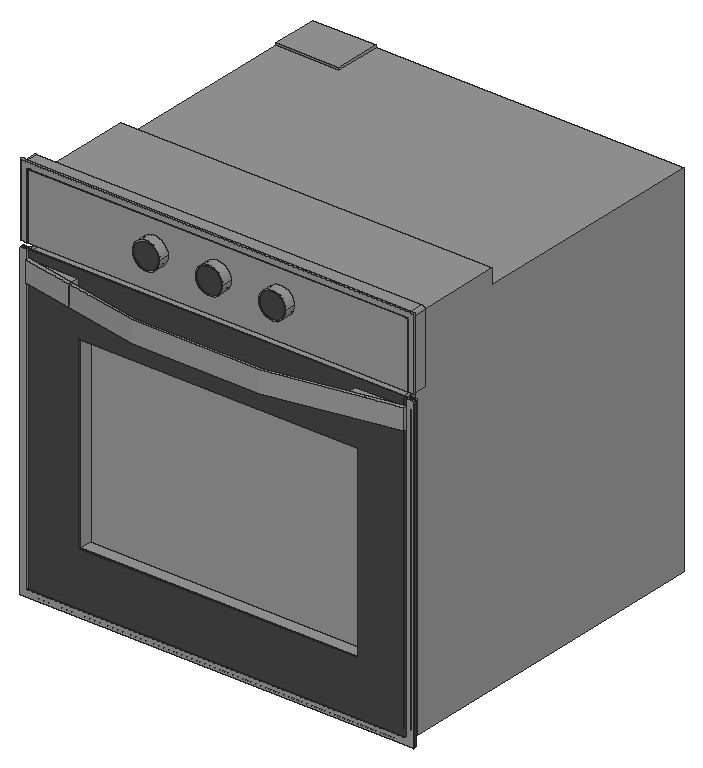
Revit family "HBB 535 SS", category Specialty Equipment, Revit 2017
Family settings
  Round Connector Dimension = Use Diameter
  Part Type = Normal
  Work Plane-Based = No
  Always vertical = Yes
  Cut with Voids When Loaded = No
  Shared = No
  Room Calculation Point = No
Parameters (values of type "HBB 535 SS")
  URL = "www.teka.cl"
  Perilla Negro = Teka_Perilla Negro
  Panel Vidrio = Teka_Panel Vidrio
  Panel Negro = Teka_Panel Negro
  Panel Menu = Teka_Panel Interior
  Model = "HBB 535 SS"
  Manufacturer = "Teka"
  Logo Teka = Teka_Logo
  Interior Negro = Teka_Interior Negro
  Description = "Horno eléctrico estático empotrable para muebles de cocina"
  Ca_Web del Representante = "www.teka.cl"
  Ca_Web del Fabricante = "www.teka.cl"
  Ca_Usos = "Horno eléctrico estático empotrable para muebles de cocina"
  Ca_Teléfono = "99821 1017"
  Ca_Representante = "Teka"
  Ca_Profundidad = 559.00 mm
  Ca_Producto = "Horno HBB 535 SS"
  Ca_Peso = "28 kg"
  Ca_País de Fabricación = "España"
  Ca_Medidas de embalaje = "650 x 635 x 655 mm"
  Ca_Material Principal = "Acero Inoxidable Antihuella+Cristal Templado"
  Ca_Masterformat = "11 30 13.13"
  Ca_Itemizado CDT = "E 08 06 02"
  Ca_Instalación = "Empotrado"
  Ca_Fabricante = "Teka"
  Ca_Especificaciones Técnicas = "Horno eléctrico multifunción empotrable para muebles de cocina  modelo HBB 535 SS"
  Ca_Código del Producto = "41560040"
  Ca_Código EAN = "8421152148938"
  Ca_Código Catálogo Arquitectura = "465_TEK_010"
  Ca_Creado por = "Catálogo Arquitectura"
  Ca_Contacto = "Khorzella@teka.cl"
  Ca_Clase de Eficiencia Energética = "A"
  Ca_Certificaciones = "Certificación SEC"
  Ca_Capacidad en Litros = 76
  Ca_Ancho = 595.00 mm
  Ca_Alto = 595.00 mm
  Ca_6_Parrilla reforzada de asados-cromada = 1
  Ca_6_Bandeja modular con tapa de cristal = no
  Ca_6_Bandeja de asados profunda 50mm = 1
  Ca_6_Bandeja Pastelera = no
  Ca_6_Asador rotativo = no
  Ca_6_Asa para extracción de bandejas = no
  Ca_5_Esmalte Hydroclean™ = yes
  Ca_5_Esmalte Crystal Clean = no
  Ca_5_Acero Inox Anti-huella = yes
  Ca_4_Termostato de seguridad = yes
  Ca_4_Protector del grill = yes
  Ca_4_Desconexión automática en puerta = no
  Ca_4_Cristal Puerta = 2
  Ca_4_Bloqueo de seguridad del panel = no
  Ca_4_Anti-vuelco de parrillas = yes
  Ca_3_Ventilación Tangencial con optimización de salida = yes
  Ca_3_Sistema de guías extraibles = "-"
  Ca_3_Salida de vahos integrada = "Bóveda"
  Ca_3_Programador - Temporizador de Paro = yes
  Ca_3_N° de Funciones de cocinado = "3"
  Ca_3_Mandos Pop Up = no
  Ca_3_Guías laterales cromadas = yes
  Ca_3_Display Digital = no
  Ca_2_Turbo Multifunción = ""
  Ca_2_Resistencia superior + inferior = 2550 W
  Ca_2_Resistencia Turbo = 0 W
  Ca_2_Resistencia Inferior = 1150 W
  Ca_2_Resistencia Grill: Normal/Maxi-Grill = "1400 / -"
  Ca_2_Motor Refrigeración = 18 W
  Ca_2_Iluminación Interior = "1 x 25 W"
  Ca_1_Potencia nominal máx. W. = "2593"
  Ca_1_Cable de conexión = 100.00 mm
  Borde Aluminio = Teka_Acero Inox
Reference planes
  plane 1 "Centro (Frontal/Posterior)": y = 0
  plane 2: z = 0
  plane 3 "Centro (Izquierda/Derecha)": x = 0
Forms (mm)
  Extrusion 1, solid, material "Teka_Acero Inox" <- "Borde Aluminio"
    sketch origin (0, 0, 0) x (1, 0, 0) y (0, 0, -1)
      loop
        line (-287, -584.5) -> (287, -584.5) -> (287, -485) -> (-287, -485) -> (-287, -584.5)
    from 0 to 1
  Sweep 2, solid, material "Teka_Acero Inox" <- "Borde Aluminio"
    path origin (0, 0, 0) x (1, 0, 0) y (0, 0, -1)
      loop
        line (-297.5, -485) -> (-297.5, -595) -> (297.5, -595) -> (297.5, -485)
    profile origin (-297.5, 0, 540) x (1, 0, 0) y (0, 1, 0)
      loop
        arc (1.289, 2) -> (0.011, 0.722) -> (1.289, -0.556) r 1.278
        line (1.289, -0.556) -> (10, -0.556)
        arc (10, -0.556) -> (10.354, -0.41) -> (10.5, -0.056) r 0.5
        line (10.5, -0.056) -> (10.5, 1)
        arc (10.5, 1) -> (10.207, 1.707) -> (9.5, 2) r 1
        line (9.5, 2) -> (1.289, 2)
  Extrusion 3, solid, material "Teka_Panel Vidrio" <- "Panel Vidrio"
    sketch origin (917.721, 0, 4005.545) x (1, 0, 0) y (0, 0, -1)
      loop
        line (-1213.72, 3529.328) -> (-621.72, 3529.328)
        arc (-621.72, 3529.328) -> (-620.659, 3529.768) -> (-620.22, 3530.828) r 1.5
        line (-620.22, 3530.828) -> (-620.22, 3998.5)
        arc (-620.22, 3998.5) -> (-620.659, 3999.561) -> (-621.72, 4000) r 1.5
        line (-621.72, 4000) -> (-1213.72, 4000)
        arc (-1213.72, 4000) -> (-1214.78, 3999.561) -> (-1215.22, 3998.5) r 1.5
        line (-1215.22, 3998.5) -> (-1215.22, 3530.828)
        arc (-1215.22, 3530.828) -> (-1214.78, 3529.768) -> (-1213.72, 3529.328) r 1.5
    from 0 to 0.8
  Extrusion 4, solid, material "Teka_Acero Inox" <- "Borde Aluminio"
    sketch origin (917.721, 1.6, 4005.545) x (1, 0, 0) y (0, 0, -1)
      loop
        arc (-621.72, 3529.328) -> (-620.659, 3529.768) -> (-620.22, 3530.828) r 1.5
        line (-620.22, 3530.828) -> (-620.22, 3998.5)
        arc (-620.22, 3998.5) -> (-620.659, 3999.561) -> (-621.72, 4000) r 1.5
        line (-621.72, 4000) -> (-1213.72, 4000)
        arc (-1213.72, 4000) -> (-1214.78, 3999.561) -> (-1215.22, 3998.5) r 1.5
        line (-1215.22, 3998.5) -> (-1215.22, 3530.828)
        arc (-1215.22, 3530.828) -> (-1214.78, 3529.768) -> (-1213.72, 3529.328) r 1.5
        line (-1213.72, 3529.328) -> (-1206.22, 3529.328)
        arc (-1206.22, 3529.328) -> (-1205.159, 3529.768) -> (-1204.72, 3530.828) r 1.5
        line (-1204.72, 3530.828) -> (-1204.72, 3988)
        arc (-1204.72, 3988) -> (-1204.28, 3989.061) -> (-1203.22, 3989.5) r 1.5
        line (-1203.22, 3989.5) -> (-632.22, 3989.5)
        arc (-632.22, 3989.5) -> (-631.159, 3989.061) -> (-630.72, 3988) r 1.5
        line (-630.72, 3988) -> (-630.72, 3530.828)
        arc (-630.72, 3530.828) -> (-630.28, 3529.768) -> (-629.22, 3529.328) r 1.5
        line (-629.22, 3529.328) -> (-621.72, 3529.328)
    from -1.6 to -2.6
  Extrusion 5, solid, material "Teka_Panel Negro" <- "Panel Negro"
    sketch origin (917.721, 0.8, 4005.545) x (1, 0, 0) y (0, 0, -1)
      loop
        arc (-621.72, 3529.328) -> (-620.659, 3529.768) -> (-620.22, 3530.828) r 1.5
        line (-620.22, 3530.828) -> (-620.22, 3998.5)
        arc (-620.22, 3998.5) -> (-620.659, 3999.561) -> (-621.72, 4000) r 1.5
        line (-621.72, 4000) -> (-1213.72, 4000)
        arc (-1213.72, 4000) -> (-1214.78, 3999.561) -> (-1215.22, 3998.5) r 1.5
        line (-1215.22, 3998.5) -> (-1215.22, 3530.828)
        arc (-1215.22, 3530.828) -> (-1214.78, 3529.768) -> (-1213.72, 3529.328) r 1.5
        line (-1213.72, 3529.328) -> (-621.72, 3529.328)
      loop
        line (-707.299, 3624.828) -> (-707.299, 3908) -> (-1127.72, 3908) -> (-1127.72, 3624.828) -> (-707.299, 3624.828)
    from 0 to 0.8
  Extrusion 6, solid, material "Teka_Panel Interior" <- "Panel Menu"
    sketch origin (-917.718, 514, 4005.545) x (1, 0, 0) y (0, 0, -1)
      loop
        line (707.72, 3908) -> (707.72, 3624.828) -> (1127.72, 3624.828) -> (1127.72, 3908) -> (707.72, 3908)
    from -0.8 to -22
  Extrusion 7, void
    sketch origin (297.502, 22, 5.545) x (1, 0, 0) y (0, 0, -1)
      loop
        line (-87.5, -470.672) -> (-139.5, -470.672) -> (-139.5, -480.672) -> (-87.5, -480.672) -> (-87.5, -470.672)
      loop
        line (-507.5, -470.672) -> (-507.5, -480.672) -> (-455.5, -480.672) -> (-455.5, -470.672) -> (-507.5, -470.672)
      loop
        line (-298, -470.672) -> (-349.5, -470.672) -> (-349.5, -480.672) -> (-298, -480.672) -> (-298, -470.672)
      loop
        line (-297, -480.672) -> (-245.5, -480.672) -> (-245.5, -470.672) -> (-297, -470.672) -> (-297, -480.672)
      loop
        line (-244.5, -480.672) -> (-193, -480.672) -> (-193, -470.672) -> (-244.5, -470.672) -> (-244.5, -480.672)
      loop
        line (-192, -480.672) -> (-140.5, -480.672) -> (-140.5, -470.672) -> (-192, -470.672) -> (-192, -480.672)
      loop
        line (-350.5, -470.672) -> (-402, -470.672) -> (-402, -480.672) -> (-350.5, -480.672) -> (-350.5, -470.672)
      loop
        line (-403, -470.672) -> (-454.5, -470.672) -> (-454.5, -480.672) -> (-403, -480.672) -> (-403, -470.672)
    from 0 to 15
  Extrusion 8, solid, material "Teka_Acero Inox" <- "Borde Aluminio"
    sketch origin (287.002, -1254.5, 869.953) x (0, 0, 1) y (0, 1, 0)
      loop
        line (-317.408, 1784) -> (-864.408, 1784) -> (-864.408, 1276.5) -> (-294.408, 1276.5) -> (-294.408, 1422.5) -> (-317.408, 1422.5) -> (-317.408, 1784)
    from 7 to 567
  Extrusion 9, solid, material "Teka_Perilla Negro" <- "Perilla Negro"
    sketch origin (917.953, 0, 4007.815) x (-1, 0, 0) y (0, 0, -1)
      loop
        circle (822.284, 3466.446) r 19.4
      loop
        circle (1013.389, 3466.446) r 19.4
      loop
        circle (917.953, 3466.446) r 19.4
    from 0 to 16
  Extrusion 10, solid, material "Teka_Acero Inox" <- "Borde Aluminio"
    sketch origin (917.953, 0, 4004.328) x (-1, 0, 0) y (0, 0, -1)
      loop
        circle (822.284, 3462.96) r 20.7
      loop
        circle (822.284, 3462.96) r 19.4
      loop
        circle (917.953, 3462.96) r 20.7
      loop
        circle (917.953, 3462.96) r 19.4
      loop
        circle (1013.389, 3462.96) r 20.7
      loop
        circle (1013.389, 3462.96) r 19.4
    from 1 to 16
  Extrusion 11, solid, material "Teka_Acero Inox" <- "Borde Aluminio"
    sketch origin (-285.198, 1, 432.816) x (0, -1, 0) y (-1, 0, 0)
      loop
        line (1, -570.4) -> (6, -570.4)
        arc (6, -570.4) -> (46, -285.2) -> (6, 0) r 1036.738
        line (6, 0) -> (1, 0)
        arc (1, 0) -> (41, -285.2) -> (1, -570.4) r 1036.738
    from 0 to -31.9
  Extrusion 12, solid, material "Teka_Interior Negro" <- "Interior Negro"
    sketch origin (-285.198, 0, 432.816) x (0, -1, 0) y (-1, 0, 0)
      loop
        line (1, -495.2) -> (1, -566.882)
        arc (1, -566.882) -> (10.392, -531.197) -> (18.509, -495.2) r 1036.738
        line (18.509, -495.2) -> (1, -495.2)
      loop
        line (1, -75.2) -> (18.509, -75.2)
        arc (18.509, -75.2) -> (10.392, -39.203) -> (1, -3.518) r 1036.738
        line (1, -3.518) -> (1, -75.2)
    from -1 to -30.9
  Extrusion 13, solid, material "Teka_Acero Inox" <- "Borde Aluminio"
    sketch origin (287.002, 529.5, 5.545) x (0, 0, 1) y (1, 0, 0)
      loop
        line (500, -394.5) -> (500, -179.5)
        arc (500, -179.5) -> (470.711, -108.789) -> (400, -79.5) r 100
        line (400, -79.5) -> (190, -79.5)
        arc (190, -79.5) -> (119.289, -108.789) -> (90, -179.5) r 100
        line (90, -179.5) -> (90, -394.5)
        arc (90, -394.5) -> (119.289, -465.211) -> (190, -494.5) r 100
        line (190, -494.5) -> (400, -494.5)
        arc (400, -494.5) -> (470.711, -465.211) -> (500, -394.5) r 100
    from 0 to 29.5
  Sweep 14, void
    path origin (287.002, 529.5, 5.545) x (0, 0, 1) y (1, 0, 0)
      loop
        arc (500, -179.5) -> (470.711, -108.789) -> (400, -79.5) r 100
        line (400, -79.5) -> (190, -79.5)
        arc (190, -79.5) -> (119.289, -108.789) -> (90, -179.5) r 100
        line (90, -179.5) -> (90, -394.5)
        arc (90, -394.5) -> (119.289, -465.211) -> (190, -494.5) r 100
        line (190, -494.5) -> (400, -494.5)
        arc (400, -494.5) -> (470.711, -465.211) -> (500, -394.5) r 100
        line (500, -394.5) -> (500, -179.5)
    profile origin (0.002, 529.5, 505.545) x (0, 0, 1) y (0, 1, 0)
      loop
        arc (-70, 29.5) -> (-31.893, 22.121) -> (0, 0) r 94.167
        line (0, 0) -> (0, 29.5) -> (-70, 29.5)
  Extrusion 15, solid, material "Teka_Interior Negro" <- "Interior Negro"
    sketch origin (917.721, 1.6, 4005.545) x (1, 0, 0) y (0, 0, -1)
      loop
        line (-707.72, 3624.828) -> (-707.72, 3908) -> (-1127.72, 3908) -> (-1127.72, 3624.828) -> (-707.72, 3624.828)
      loop
        line (-637.72, 3529.328) -> (-637.72, 3981)
        arc (-637.72, 3981) -> (-638.159, 3982.061) -> (-639.22, 3982.5) r 1.5
        line (-639.22, 3982.5) -> (-1196.22, 3982.5)
        arc (-1196.22, 3982.5) -> (-1197.28, 3982.061) -> (-1197.72, 3981) r 1.5
        line (-1197.72, 3981) -> (-1197.72, 3529.328) -> (-637.72, 3529.328)
    from 0 to 20.4
  Sweep 16, solid, material "Teka_Interior Negro" <- "Interior Negro"
    path origin (917.721, 22, 4005.545) x (1, 0, 0) y (0, 0, -1)
      loop
        line (-1197.72, 3529.328) -> (-1197.72, 3981)
        arc (-1197.72, 3981) -> (-1197.28, 3982.061) -> (-1196.22, 3982.5) r 1.5
        line (-1196.22, 3982.5) -> (-639.22, 3982.5)
        arc (-639.22, 3982.5) -> (-638.159, 3982.061) -> (-637.72, 3981) r 1.5
        line (-637.72, 3981) -> (-637.72, 3529.328)
    profile origin (280.002, 22, 250.38) x (1, 0, 0) y (0, 1, 0)
      loop
        line (0, 0) -> (6.265, -16.506)
        arc (6.265, -16.506) -> (7.366, -17.911) -> (9.07, -18.442) r 3
        line (9.07, -18.442) -> (17.1, -18.442)
        arc (17.1, -18.442) -> (17.5, -18.042) -> (17.1, -17.642) r 0.4
        line (17.1, -17.642) -> (9.07, -17.642)
        arc (9.07, -17.642) -> (7.821, -17.252) -> (7.013, -16.222) r 2.2
        line (7.013, -16.222) -> (0.856, 0) -> (0, 0)
  Extrusion 17, solid, material "Teka_Interior Negro" <- "Interior Negro"
    sketch origin (0, 0, 0) x (1, 0, 0) y (0, 0, -1)
      loop
        line (-295.7, -485) -> (-295.7, -588.2)
        arc (-295.7, -588.2) -> (-294.236, -591.736) -> (-290.7, -593.2) r 5
        line (-290.7, -593.2) -> (290.7, -593.2)
        arc (290.7, -593.2) -> (294.236, -591.736) -> (295.7, -588.2) r 5
        line (295.7, -588.2) -> (295.7, -485) -> (-295.7, -485)
    from 2.075 to 22
  Extrusion 18, solid, material "Teka_Acero Inox" <- "Borde Aluminio"
    sketch origin (-287.002, 549, 552.545) x (0, -1, 0) y (1, 0, 0)
      loop
        line (19.5, 7) -> (89.5, 7) -> (89.5, 103) -> (19.5, 103) -> (19.5, 7)
    from 0 to 3
Cuts and joins
  Extrusion 7 cuts Extrusion 8
  Extrusion 7 cuts Extrusion 17
  Sweep 14 cuts Extrusion 13
Lines and regions (mm)
  Split face 1
    outline origin (917.953, -16, 4004.328) x (-1, 0, 0) y (0, 0, -1)
      loop
        circle (822.284, 3448.583) r 1.1
  Split face 2
    outline origin (917.953, -16, 4007.815) x (-1, 0, 0) y (0, 0, -1)
      loop
        circle (1013.389, 3452.069) r 1.1
  Split face 3
    outline origin (917.953, -16, 4007.815) x (-1, 0, 0) y (0, 0, -1)
      loop
        circle (916.364, 3452.069) r 1.1
  Split face 4
    outline origin (0, 0, 0) x (1, 0, 0) y (0, 0, -1)
      loop
        circle (-95.436, -573.696) r 3.7
  Split face 5
    outline origin (0, 0, 0) x (1, 0, 0) y (0, 0, -1)
      loop
        circle (-95.436, -573.696) r 3.3
  Split face 6
    outline origin (0, 0, 0) x (1, 0, 0) y (0, 0, -1)
      loop
        line (-95.036, -575.351) -> (-95.036, -572.042) -> (-95.836, -572.042) -> (-95.836, -575.351) -> (-95.036, -575.351)
  Split face 7
    outline origin (0, 0, 0) x (1, 0, 0) y (0, 0, -1)
      loop
        circle (-95.436, -564.8) r 1.1
  Split face 8
    outline origin (0, 0, 0) x (1, 0, 0) y (0, 0, -1)
      loop
        circle (-95.436, -564.8) r 0.9
  Split face 9
    outline origin (0, 0, 0) x (1, 0, 0) y (0, 0, -1)
      loop
        line (-91.816, -510.45) -> (-99.055, -510.45) -> (-99.055, -517.061) -> (-91.816, -517.061) -> (-91.816, -510.45)
  Split face 10
    outline origin (0, 0, 0) x (1, 0, 0) y (0, 0, -1)
      loop
        line (-98.655, -510.85) -> (-98.655, -516.661) -> (-92.216, -516.661) -> (-92.216, -510.85) -> (-98.655, -510.85)
  Split face 11
    outline origin (0, 0, 0) x (1, 0, 0) y (0, 0, -1)
      loop
        line (-97.734, -515.001) -> (-97.734, -516.301) -> (-96.968, -515.658) -> (-96.202, -516.301) -> (-95.436, -515.658) -> (-94.67, -516.301) -> (-93.904, -515.658) -> (-93.137, -516.301) -> (-93.137, -515.001) -> (-97.734, -515.001)
  Split face 12
    outline origin (0, 0, 0) x (1, 0, 0) y (0, 0, -1)
      loop
        line (-93.137, -515.909) -> (-93.904, -515.266) -> (-94.67, -515.909) -> (-95.436, -515.266) -> (-96.202, -515.909) -> (-96.968, -515.266) -> (-97.734, -515.909)
  Split face 13
    outline origin (0, 0, 0) x (1, 0, 0) y (0, 0, -1)
      loop
        line (-119.743, -538.063) -> (-126.983, -538.063) -> (-126.983, -544.674) -> (-119.743, -544.674) -> (-119.743, -538.063)
  Split face 14
    outline origin (0, 0, 0) x (1, 0, 0) y (0, 0, -1)
      loop
        line (-126.583, -544.274) -> (-120.143, -544.274) -> (-120.143, -538.463) -> (-126.583, -538.463) -> (-126.583, -544.274)
  Split face 15
    outline origin (0, 0, 0) x (1, 0, 0) y (0, 0, -1)
      loop
        line (-136.85, -544.674) -> (-129.61, -544.674) -> (-129.61, -538.063) -> (-136.85, -538.063) -> (-136.85, -544.674)
  Split face 16
    outline origin (0, 0, 0) x (1, 0, 0) y (0, 0, -1)
      loop
        line (-136.45, -544.274) -> (-130.01, -544.274) -> (-130.01, -538.463) -> (-136.45, -538.463) -> (-136.45, -544.274)
  Split face 17
    outline origin (0, 0, 0) x (1, 0, 0) y (0, 0, -1)
      loop
        line (-134.601, -541.447) -> (-133.23, -543.555) -> (-131.859, -541.447)
        arc (-131.859, -541.447) -> (-133.23, -539.053) -> (-134.601, -541.447) r 1.589
  Split face 18
    outline origin (0, 0, 0) x (1, 0, 0) y (0, 0, -1)
      loop
        arc (-132.2, -541.237) -> (-133.23, -539.453) -> (-134.26, -541.237) r 1.189
        line (-134.26, -541.237) -> (-133.23, -542.821) -> (-132.2, -541.237)
  Split face 19
    outline origin (0, 0, 0) x (1, 0, 0) y (0, 0, -1)
      loop
        line (-125.661, -539.731) -> (-121.065, -539.731) -> (-121.065, -538.531) -> (-125.661, -538.531) -> (-125.661, -539.731)
  Split face 20
    outline origin (0, 0, 0) x (1, 0, 0) y (0, 0, -1)
      loop
        line (-125.661, -539.331) -> (-121.065, -539.331)
      loop
        line (-125.661, -538.931) -> (-121.065, -538.931)
  Split face 21
    outline origin (0, 0, 0) x (1, 0, 0) y (0, 0, -1)
      loop
        line (-63.888, -538.063) -> (-71.128, -538.063) -> (-71.128, -544.674) -> (-63.888, -544.674) -> (-63.888, -538.063)
  Split face 22
    outline origin (0, 0, 0) x (1, 0, 0) y (0, 0, -1)
      loop
        line (-70.728, -538.463) -> (-70.728, -544.274) -> (-64.288, -544.274) -> (-64.288, -538.463) -> (-70.728, -538.463)
  Split face 23
    outline origin (0, 0, 0) x (1, 0, 0) y (0, 0, -1)
      loop
        line (-69.806, -539.731) -> (-65.21, -539.731) -> (-65.21, -538.531) -> (-69.806, -538.531) -> (-69.806, -539.731)
  Split face 24
    outline origin (0, 0, 0) x (1, 0, 0) y (0, 0, -1)
      loop
        line (-69.806, -539.331) -> (-65.21, -539.331)
      loop
        line (-69.806, -538.931) -> (-65.21, -538.931)
  Split face 25
    outline origin (0, 0, 0) x (1, 0, 0) y (0, 0, -1)
      loop
        line (-69.806, -542.614) -> (-69.806, -543.914) -> (-69.04, -543.271) -> (-68.274, -543.914) -> (-67.508, -543.271) -> (-66.742, -543.914) -> (-65.976, -543.271) -> (-65.21, -543.914) -> (-65.21, -542.614) -> (-69.806, -542.614)
  Split face 26
    outline origin (0, 0, 0) x (1, 0, 0) y (0, 0, -1)
      loop
        line (-65.21, -543.522) -> (-65.976, -542.879) -> (-66.742, -543.522) -> (-67.508, -542.879) -> (-68.274, -543.522) -> (-69.04, -542.879) -> (-69.806, -543.522)
  Split face 27
    outline origin (0, 0, 0) x (1, 0, 0) y (0, 0, -1)
      loop
        circle (0, -572.964) r 3.3
  Split face 28
    outline origin (0, 0, 0) x (1, 0, 0) y (0, 0, -1)
      loop
        circle (0, -572.964) r 3.7
  Split face 29
    outline origin (0, 0, 0) x (1, 0, 0) y (0, 0, -1)
      loop
        line (-1, -576.565) -> (-1, -578.464) -> (1, -578.464) -> (1, -576.565)
        arc (1, -576.565) -> (0, -576.728) -> (-1, -576.565) r 3.163
  Split face 30
    outline origin (0, 0, 0) x (1, 0, 0) y (0, 0, -1)
      loop
        line (1, -578.077) -> (-1, -578.077)
  Split face 31
    outline origin (0, 0, 0) x (1, 0, 0) y (0, 0, -1)
      loop
        line (-1, -577.798) -> (1, -577.798)
  Split face 32
    outline origin (0, 0, 0) x (1, 0, 0) y (0, 0, -1)
      loop
        line (-19.535, -559.293) -> (-19.535, -561.085)
        arc (-19.535, -561.085) -> (-18.985, -561.635) -> (-18.435, -561.085) r 0.55
        line (-18.435, -561.085) -> (-18.435, -564.115)
        arc (-18.435, -564.115) -> (-17.885, -564.665) -> (-17.335, -564.115) r 0.55
        line (-17.335, -564.115) -> (-17.335, -561.633)
        arc (-17.335, -561.633) -> (-16.785, -562.183) -> (-16.235, -561.633) r 0.55
        arc (-16.235, -561.633) -> (-15.685, -562.183) -> (-15.135, -561.633) r 0.55
        arc (-15.135, -561.633) -> (-14.585, -562.183) -> (-14.035, -561.633) r 0.55
        line (-14.035, -561.633) -> (-14.035, -559.545)
        arc (-14.035, -559.545) -> (-16.672, -556.948) -> (-19.535, -559.293) r 2.769
  Split face 33
    outline origin (0, 0, 0) x (1, 0, 0) y (0, 0, -1)
      loop
        circle (0, -564.8) r 1.1
  Split face 34
    outline origin (0, 0, 0) x (1, 0, 0) y (0, 0, -1)
      loop
        line (6.778, -565.712) -> (8.494, -565.168) -> (8.116, -563.976) -> (6.4, -564.521) -> (6.778, -565.712)
  Split face 35
    outline origin (0, 0, 0) x (1, 0, 0) y (0, 0, -1)
      loop
        line (7.353, -564.218) -> (7.731, -565.41)
      loop
        line (7.163, -564.279) -> (7.541, -565.47)
  Split face 36
    outline origin (0, 0, 0) x (1, 0, 0) y (0, 0, -1)
      loop
        line (11.535, -563.887) -> (13.106, -563.009) -> (12.496, -561.883) -> (10.925, -562.761) -> (11.535, -563.887)
  Split face 37
    outline origin (0, 0, 0) x (1, 0, 0) y (0, 0, -1)
      loop
        line (11.798, -562.273) -> (12.408, -563.399)
      loop
        line (11.623, -562.371) -> (12.233, -563.497)
  Split face 38
    outline origin (0, 0, 0) x (1, 0, 0) y (0, 0, -1)
      loop
        line (16.637, -562.02) -> (17.999, -560.844) -> (16.366, -558.951) -> (15.003, -560.127) -> (16.637, -562.02)
  Split face 39
    outline origin (0, 0, 0) x (1, 0, 0) y (0, 0, -1)
      loop
        line (17.242, -561.497) -> (15.609, -559.604)
      loop
        line (17.394, -561.366) -> (15.76, -559.474)
  Split face 40
    outline origin (0, 0, 0) x (1, 0, 0) y (0, 0, -1)
      loop
        line (19.459, -557.49) -> (20.557, -556.064) -> (19.567, -555.301) -> (18.469, -556.727) -> (19.459, -557.49)
  Split face 41
    outline origin (0, 0, 0) x (1, 0, 0) y (0, 0, -1)
      loop
        line (19.947, -556.856) -> (18.957, -556.093)
      loop
        line (20.069, -556.698) -> (19.079, -555.935)
  Split face 42
    outline origin (0, 0, 0) x (1, 0, 0) y (0, 0, -1)
      loop
        line (22.303, -553.248) -> (23.092, -551.63) -> (21.969, -551.082) -> (21.18, -552.7) -> (22.303, -553.248)
  Split face 43
    outline origin (0, 0, 0) x (1, 0, 0) y (0, 0, -1)
      loop
        line (22.654, -552.529) -> (21.53, -551.981)
      loop
        line (22.742, -552.349) -> (21.618, -551.801)
  Split face 44
    outline origin (0, 0, 0) x (1, 0, 0) y (0, 0, -1)
      loop
        line (25.447, -548.831) -> (25.895, -547.088) -> (23.473, -546.466) -> (23.026, -548.21) -> (25.447, -548.831)
  Split face 45
    outline origin (0, 0, 0) x (1, 0, 0) y (0, 0, -1)
      loop
        line (23.274, -547.241) -> (25.696, -547.863)
      loop
        line (23.225, -547.435) -> (25.646, -548.057)
  Split face 46
    outline origin (0, 0, 0) x (1, 0, 0) y (0, 0, -1)
      loop
        line (29.488, -550.08) -> (29.488, -547.48) -> (28.288, -547.48) -> (28.288, -550.08) -> (29.488, -550.08)
  Split face 47
    outline origin (0, 0, 0) x (1, 0, 0) y (0, 0, -1)
      loop
        line (28.288, -549.78) -> (29.188, -549.78) -> (29.188, -547.78) -> (28.288, -547.78)
  Split face 48
    outline origin (0, 0, 0) x (1, 0, 0) y (0, 0, -1)
      loop
        line (31.462, -549.48) -> (31.462, -548.08)
        arc (31.462, -548.08) -> (30.862, -547.48) -> (30.262, -548.08) r 0.6
        line (30.262, -548.08) -> (30.262, -549.48)
        arc (30.262, -549.48) -> (30.862, -550.08) -> (31.462, -549.48) r 0.6
  Split face 49
    outline origin (0, 0, 0) x (1, 0, 0) y (0, 0, -1)
      loop
        line (30.562, -548.08) -> (30.562, -549.48)
        arc (30.562, -549.48) -> (30.862, -549.78) -> (31.162, -549.48) r 0.3
        line (31.162, -549.48) -> (31.162, -548.08)
        arc (31.162, -548.08) -> (30.862, -547.78) -> (30.562, -548.08) r 0.3
  Split face 50
    outline origin (0, 0, 0) x (1, 0, 0) y (0, 0, -1)
      loop
        line (24.019, -541.642) -> (23.931, -543.44) -> (25.179, -543.501) -> (25.267, -541.703) -> (24.019, -541.642)
  Split face 51
    outline origin (0, 0, 0) x (1, 0, 0) y (0, 0, -1)
      loop
        line (25.219, -542.702) -> (23.97, -542.641)
      loop
        line (23.98, -542.441) -> (25.228, -542.502)
  Split face 52
    outline origin (0, 0, 0) x (1, 0, 0) y (0, 0, -1)
      loop
        line (28.288, -548.937) -> (29.188, -548.937)
      loop
        line (29.188, -548.638) -> (28.288, -548.638)
  Split face 53
    outline origin (0, 0, 0) x (1, 0, 0) y (0, 0, -1)
      loop
        line (17.706, -562.986) -> (17.706, -565.586) -> (18.906, -565.586) -> (18.906, -562.986) -> (17.706, -562.986)
  Split face 54
    outline origin (0, 0, 0) x (1, 0, 0) y (0, 0, -1)
      loop
        line (18.506, -562.986) -> (18.506, -564.786) -> (17.706, -564.786) -> (18.506, -565.586)
  Split face 55
    outline origin (0, 0, 0) x (1, 0, 0) y (0, 0, -1)
      loop
        line (21.159, -565.586) -> (21.159, -564.486) -> (21.159, -562.986) -> (19.959, -562.986) -> (19.959, -565.586) -> (21.159, -565.586)
  Split face 56
    outline origin (0, 0, 0) x (1, 0, 0) y (0, 0, -1)
      loop
        line (21.159, -564.486) -> (20.259, -564.486) -> (20.259, -565.286) -> (21.159, -565.286)
  Split face 57
    outline origin (0, 0, 0) x (1, 0, 0) y (0, 0, -1)
      loop
        line (19.959, -563.286) -> (20.859, -563.286) -> (20.859, -564.186) -> (19.959, -564.186)
  Split face 58
    outline origin (0, 0, 0) x (1, 0, 0) y (0, 0, -1)
      loop
        line (25.094, -538.394) -> (24.819, -536.616) -> (23.583, -536.807) -> (23.859, -538.586) -> (25.094, -538.394)
  Split face 59
    outline origin (0, 0, 0) x (1, 0, 0) y (0, 0, -1)
      loop
        line (23.736, -537.795) -> (24.972, -537.604)
      loop
        line (23.706, -537.597) -> (24.941, -537.406)
  Split face 60
    outline origin (0, 0, 0) x (1, 0, 0) y (0, 0, -1)
      loop
        line (25.155, -532.974) -> (24.528, -531.287) -> (22.184, -532.158) -> (22.812, -533.845) -> (25.155, -532.974)
  Split face 61
    outline origin (0, 0, 0) x (1, 0, 0) y (0, 0, -1)
      loop
        line (22.533, -533.095) -> (24.876, -532.224)
      loop
        line (22.463, -532.908) -> (24.806, -532.036)
  Split face 62
    outline origin (0, 0, 0) x (1, 0, 0) y (0, 0, -1)
      loop
        line (27.748, -529.393) -> (27.748, -531.993) -> (29.148, -531.993) -> (29.148, -529.393) -> (27.748, -529.393)
  Split face 63
    outline origin (0, 0, 0) x (1, 0, 0) y (0, 0, -1)
      loop
        line (28.848, -531.993) -> (28.848, -530.993) -> (28.048, -530.993) -> (28.048, -531.993)
  Split face 64
    outline origin (0, 0, 0) x (1, 0, 0) y (0, 0, -1)
      loop
        line (27.748, -530.693) -> (28.848, -530.693) -> (28.848, -529.393)
  Split face 65
    outline origin (0, 0, 0) x (1, 0, 0) y (0, 0, -1)
      loop
        line (30.971, -531.993) -> (30.971, -530.893) -> (30.971, -529.393) -> (29.771, -529.393) -> (29.771, -531.993) -> (30.971, -531.993)
  Split face 66
    outline origin (0, 0, 0) x (1, 0, 0) y (0, 0, -1)
      loop
        line (30.971, -530.893) -> (30.071, -530.893) -> (30.071, -531.693) -> (30.971, -531.693)
  Split face 67
    outline origin (0, 0, 0) x (1, 0, 0) y (0, 0, -1)
      loop
        line (29.771, -529.693) -> (30.671, -529.693) -> (30.671, -530.593) -> (29.771, -530.593)
  Split face 68
    outline origin (0, 0, 0) x (1, 0, 0) y (0, 0, -1)
      loop
        line (20.939, -527.223) -> (19.879, -527.885) -> (20.833, -529.412) -> (21.893, -528.749) -> (20.939, -527.223)
  Split face 69
    outline origin (0, 0, 0) x (1, 0, 0) y (0, 0, -1)
      loop
        line (20.303, -528.564) -> (21.363, -527.901)
      loop
        line (20.409, -528.733) -> (21.469, -528.071)
  Split face 70
    outline origin (0, 0, 0) x (1, 0, 0) y (0, 0, -1)
      loop
        line (18.909, -524.605) -> (17.667, -523.301) -> (16.762, -524.163) -> (18.003, -525.467) -> (18.909, -524.605)
  Split face 71
    outline origin (0, 0, 0) x (1, 0, 0) y (0, 0, -1)
      loop
        line (18.357, -524.026) -> (17.473, -524.91)
      loop
        line (18.219, -523.881) -> (17.335, -524.765)
  Split face 72
    outline origin (0, 0, 0) x (1, 0, 0) y (0, 0, -1)
      loop
        line (15.865, -520.119) -> (14.387, -519.091) -> (12.96, -521.144) -> (14.438, -522.172) -> (15.865, -520.119)
  Split face 73
    outline origin (0, 0, 0) x (1, 0, 0) y (0, 0, -1)
      loop
        line (13.617, -521.601) -> (15.044, -519.548)
      loop
        line (13.781, -521.715) -> (15.208, -519.662)
  Split face 74
    outline origin (0, 0, 0) x (1, 0, 0) y (0, 0, -1)
      loop
        line (17.313, -517.322) -> (17.313, -514.722) -> (15.913, -514.722) -> (15.913, -517.322) -> (17.313, -517.322)
  Split face 75
    outline origin (0, 0, 0) x (1, 0, 0) y (0, 0, -1)
      loop
        line (17.313, -516.222) -> (16.213, -516.222) -> (16.213, -517.022) -> (17.313, -517.022)
  Split face 76
    outline origin (0, 0, 0) x (1, 0, 0) y (0, 0, -1)
      loop
        line (17.013, -515.922) -> (17.013, -515.022) -> (16.213, -515.022) -> (16.213, -515.922) -> (17.013, -515.922)
  Split face 77
    outline origin (0, 0, 0) x (1, 0, 0) y (0, 0, -1)
      loop
        line (19.376, -516.722) -> (19.376, -515.322)
        arc (19.376, -515.322) -> (18.776, -514.722) -> (18.176, -515.322) r 0.6
        line (18.176, -515.322) -> (18.176, -516.722)
        arc (18.176, -516.722) -> (18.776, -517.322) -> (19.376, -516.722) r 0.6
  Split face 78
    outline origin (0, 0, 0) x (1, 0, 0) y (0, 0, -1)
      loop
        line (19.076, -516.722) -> (19.076, -515.322)
        arc (19.076, -515.322) -> (18.776, -515.022) -> (18.476, -515.322) r 0.3
        line (18.476, -515.322) -> (18.476, -516.722)
        arc (18.476, -516.722) -> (18.776, -517.022) -> (19.076, -516.722) r 0.3
  Split face 79
    outline origin (0, 0, 0) x (1, 0, 0) y (0, 0, -1)
      loop
        line (10.776, -518.512) -> (9.121, -517.802) -> (8.629, -518.951) -> (10.283, -519.66) -> (10.776, -518.512)
  Split face 80
    outline origin (0, 0, 0) x (1, 0, 0) y (0, 0, -1)
      loop
        line (9.548, -519.345) -> (10.04, -518.196)
      loop
        line (9.364, -519.267) -> (9.857, -518.118)
  Split face 81
    outline origin (0, 0, 0) x (1, 0, 0) y (0, 0, -1)
      loop
        line (5.96, -516.812) -> (4.196, -516.45) -> (3.945, -517.674) -> (5.708, -518.036) -> (5.96, -516.812)
  Split face 82
    outline origin (0, 0, 0) x (1, 0, 0) y (0, 0, -1)
      loop
        line (4.729, -517.835) -> (4.98, -516.611)
      loop
        line (4.925, -517.875) -> (5.176, -516.651)
  Split face 83
    outline origin (0, 0, 0) x (1, 0, 0) y (0, 0, -1)
      loop
        line (0.9, -514.865) -> (-0.9, -514.865) -> (-0.9, -517.365) -> (0.9, -517.365) -> (0.9, -514.865)
  Split face 84
    outline origin (0, 0, 0) x (1, 0, 0) y (0, 0, -1)
      loop
        line (0.1, -517.365) -> (0.1, -514.865)
      loop
        line (-0.1, -517.365) -> (-0.1, -514.865)
  Split face 85
    outline origin (0, 0, 0) x (1, 0, 0) y (0, 0, -1)
      loop
        line (-0.698, -513.238) -> (-0.598, -510.638) -> (-2.098, -510.638) -> (-2.098, -513.238) -> (-0.698, -513.238)
  Split face 86
    outline origin (0, 0, 0) x (1, 0, 0) y (0, 0, -1)
      loop
        line (-2.098, -512.938) -> (-1.098, -512.938) -> (-1.714, -510.638)
      loop
        line (-1.398, -510.638) -> (-0.698, -513.238)
  Split face 87
    outline origin (0, 0, 0) x (1, 0, 0) y (0, 0, -1)
      loop
        line (1.289, -513.238) -> (1.289, -512.138) -> (1.289, -510.638) -> (0.089, -510.638) -> (0.089, -513.238) -> (1.289, -513.238)
  Split face 88
    outline origin (0, 0, 0) x (1, 0, 0) y (0, 0, -1)
      loop
        line (1.289, -512.138) -> (0.389, -512.138) -> (0.389, -512.938) -> (1.289, -512.938)
  Split face 89
    outline origin (0, 0, 0) x (1, 0, 0) y (0, 0, -1)
      loop
        line (0.089, -510.938) -> (0.989, -510.938) -> (0.989, -511.838) -> (0.089, -511.838)
  Split face 90
    outline origin (0, 0, 0) x (1, 0, 0) y (0, 0, -1)
      loop
        line (-4.414, -516.48) -> (-6.175, -516.854) -> (-5.871, -518.077) -> (-4.11, -517.702) -> (-4.414, -516.48)
  Split face 91
    outline origin (0, 0, 0) x (1, 0, 0) y (0, 0, -1)
      loop
        line (-4.893, -517.869) -> (-5.197, -516.646)
      loop
        line (-5.088, -517.91) -> (-5.393, -516.688)
  Split face 92
    outline origin (0, 0, 0) x (1, 0, 0) y (0, 0, -1)
      loop
        line (-9.286, -517.867) -> (-10.935, -518.587) -> (-10.435, -519.733) -> (-8.785, -519.012) -> (-9.286, -517.867)
  Split face 93
    outline origin (0, 0, 0) x (1, 0, 0) y (0, 0, -1)
      loop
        line (-9.518, -519.332) -> (-10.019, -518.187)
      loop
        line (-9.701, -519.413) -> (-10.202, -518.267)
  Split face 94
    outline origin (0, 0, 0) x (1, 0, 0) y (0, 0, -1)
      loop
        line (-14.542, -519.192) -> (-16.013, -520.23) -> (-14.572, -522.273) -> (-13.101, -521.235) -> (-14.542, -519.192)
  Split face 95
    outline origin (0, 0, 0) x (1, 0, 0) y (0, 0, -1)
      loop
        line (-13.755, -521.696) -> (-15.196, -519.654)
      loop
        line (-13.918, -521.812) -> (-15.359, -519.769)
  Split face 96
    outline origin (0, 0, 0) x (1, 0, 0) y (0, 0, -1)
      loop
        line (-17.04, -517.322) -> (-17.04, -514.722) -> (-18.44, -514.722) -> (-18.44, -517.322) -> (-17.04, -517.322)
  Split face 97
    outline origin (0, 0, 0) x (1, 0, 0) y (0, 0, -1)
      loop
        line (-18.14, -517.022) -> (-17.34, -517.022) -> (-17.34, -516.122) -> (-18.14, -516.122) -> (-18.14, -517.022)
  Split face 98
    outline origin (0, 0, 0) x (1, 0, 0) y (0, 0, -1)
      loop
        line (-18.44, -515.822) -> (-17.34, -515.822) -> (-17.34, -515.022) -> (-18.44, -515.022)
  Split face 99
    outline origin (0, 0, 0) x (1, 0, 0) y (0, 0, -1)
      loop
        arc (-16.413, -516.722) -> (-15.813, -517.322) -> (-15.213, -516.722) r 0.6
        line (-15.213, -516.722) -> (-15.213, -515.322)
        arc (-15.213, -515.322) -> (-15.813, -514.722) -> (-16.413, -515.322) r 0.6
        line (-16.413, -515.322) -> (-16.413, -516.722)
  Split face 100
    outline origin (0, 0, 0) x (1, 0, 0) y (0, 0, -1)
      loop
        arc (-15.513, -515.322) -> (-15.813, -515.022) -> (-16.113, -515.322) r 0.3
        line (-16.113, -515.322) -> (-16.113, -516.722)
        arc (-16.113, -516.722) -> (-15.813, -517.022) -> (-15.513, -516.722) r 0.3
        line (-15.513, -516.722) -> (-15.513, -515.322)
  Split face 101
    outline origin (0, 0, 0) x (1, 0, 0) y (0, 0, -1)
      loop
        line (-17.793, -523.425) -> (-19.025, -524.737) -> (-18.114, -525.593) -> (-16.882, -524.281) -> (-17.793, -523.425)
  Split face 102
    outline origin (0, 0, 0) x (1, 0, 0) y (0, 0, -1)
      loop
        line (-18.341, -524.008) -> (-17.429, -524.864)
      loop
        line (-18.478, -524.154) -> (-17.593, -525.038)
  Split face 103
    outline origin (0, 0, 0) x (1, 0, 0) y (0, 0, -1)
      loop
        line (-21.029, -527.334) -> (-21.972, -528.867) -> (-20.916, -529.558) -> (-19.973, -528.024) -> (-21.029, -527.334)
  Split face 104
    outline origin (0, 0, 0) x (1, 0, 0) y (0, 0, -1)
      loop
        line (-20.392, -528.706) -> (-21.448, -528.015)
      loop
        line (-20.497, -528.876) -> (-21.553, -528.186)
  Split face 105
    outline origin (0, 0, 0) x (1, 0, 0) y (0, 0, -1)
      loop
        line (-24.597, -531.458) -> (-25.213, -533.149) -> (-22.864, -534.005) -> (-22.248, -532.313) -> (-24.597, -531.458)
  Split face 106
    outline origin (0, 0, 0) x (1, 0, 0) y (0, 0, -1)
      loop
        line (-22.59, -533.253) -> (-24.939, -532.398)
      loop
        line (-22.522, -533.065) -> (-24.871, -532.21)
  Split face 107
    outline origin (0, 0, 0) x (1, 0, 0) y (0, 0, -1)
      loop
        line (-31.542, -529.967) -> (-31.542, -532.567) -> (-30.342, -532.567) -> (-30.342, -529.967) -> (-31.542, -529.967)
  Split face 108
    outline origin (0, 0, 0) x (1, 0, 0) y (0, 0, -1)
      loop
        line (-30.742, -529.967) -> (-30.742, -531.767) -> (-31.542, -531.767) -> (-30.742, -532.567)
  Split face 109
    outline origin (0, 0, 0) x (1, 0, 0) y (0, 0, -1)
      loop
        arc (-28.667, -530.567) -> (-29.267, -529.967) -> (-29.867, -530.567) r 0.6
        line (-29.867, -530.567) -> (-29.867, -531.967)
        arc (-29.867, -531.967) -> (-29.267, -532.567) -> (-28.667, -531.967) r 0.6
        line (-28.667, -531.967) -> (-28.667, -530.567)
  Split face 110
    outline origin (0, 0, 0) x (1, 0, 0) y (0, 0, -1)
      loop
        line (-28.967, -531.967) -> (-28.967, -530.567)
        arc (-28.967, -530.567) -> (-29.267, -530.267) -> (-29.567, -530.567) r 0.3
        line (-29.567, -530.567) -> (-29.567, -531.967)
        arc (-29.567, -531.967) -> (-29.267, -532.267) -> (-28.967, -531.967) r 0.3
  Split face 111
    outline origin (0, 0, 0) x (1, 0, 0) y (0, 0, -1)
      loop
        line (-26.952, -532.567) -> (-26.952, -531.467) -> (-26.952, -529.967) -> (-28.152, -529.967) -> (-28.152, -532.567) -> (-26.952, -532.567)
  Split face 112
    outline origin (0, 0, 0) x (1, 0, 0) y (0, 0, -1)
      loop
        line (-26.952, -531.467) -> (-27.852, -531.467) -> (-27.852, -532.267) -> (-26.952, -532.267)
  Split face 113
    outline origin (0, 0, 0) x (1, 0, 0) y (0, 0, -1)
      loop
        line (-28.152, -530.267) -> (-27.252, -530.267) -> (-27.252, -531.167) -> (-28.152, -531.167)
  Split face 114
    outline origin (0, 0, 0) x (1, 0, 0) y (0, 0, -1)
      loop
        line (-24.851, -536.789) -> (-25.114, -538.57) -> (-23.878, -538.752) -> (-23.615, -536.972) -> (-24.851, -536.789)
  Split face 115
    outline origin (0, 0, 0) x (1, 0, 0) y (0, 0, -1)
      loop
        line (-23.731, -537.763) -> (-24.968, -537.58)
      loop
        line (-23.761, -537.961) -> (-24.997, -537.778)
  Split face 116
    outline origin (0, 0, 0) x (1, 0, 0) y (0, 0, -1)
      loop
        line (-25.264, -541.88) -> (-25.164, -543.677) -> (-23.916, -543.607) -> (-24.016, -541.81) -> (-25.264, -541.88)
  Split face 117
    outline origin (0, 0, 0) x (1, 0, 0) y (0, 0, -1)
      loop
        line (-23.972, -542.609) -> (-25.22, -542.678)
      loop
        line (-23.961, -542.808) -> (-25.209, -542.878)
  Split face 118
    outline origin (0, 0, 0) x (1, 0, 0) y (0, 0, -1)
      loop
        line (-25.854, -547.269) -> (-25.394, -549.009) -> (-22.977, -548.37) -> (-23.437, -546.63) -> (-25.854, -547.269)
  Split face 119
    outline origin (0, 0, 0) x (1, 0, 0) y (0, 0, -1)
      loop
        line (-23.233, -547.403) -> (-25.65, -548.042)
      loop
        line (-23.182, -547.597) -> (-25.599, -548.235)
  Split face 120
    outline origin (0, 0, 0) x (1, 0, 0) y (0, 0, -1)
      loop
        line (-28.648, -549.626) -> (-28.648, -547.626) -> (-29.848, -547.626) -> (-28.948, -549.626) -> (-29.848, -549.626)
        arc (-29.848, -549.626) -> (-29.248, -550.226) -> (-28.648, -549.626) r 0.6
  Split face 121
    outline origin (0, 0, 0) x (1, 0, 0) y (0, 0, -1)
      loop
        line (-28.648, -547.926) -> (-29.448, -547.926) -> (-28.648, -549.626)
  Split face 122
    outline origin (0, 0, 0) x (1, 0, 0) y (0, 0, -1)
      loop
        line (-27.132, -549.626) -> (-27.132, -548.226)
        arc (-27.132, -548.226) -> (-27.732, -547.626) -> (-28.332, -548.226) r 0.6
        line (-28.332, -548.226) -> (-28.332, -549.626)
        arc (-28.332, -549.626) -> (-27.732, -550.226) -> (-27.132, -549.626) r 0.6
  Split face 123
    outline origin (0, 0, 0) x (1, 0, 0) y (0, 0, -1)
      loop
        line (-27.432, -549.626) -> (-27.432, -548.226)
        arc (-27.432, -548.226) -> (-27.732, -547.926) -> (-28.032, -548.226) r 0.3
        line (-28.032, -548.226) -> (-28.032, -549.626)
        arc (-28.032, -549.626) -> (-27.732, -549.926) -> (-27.432, -549.626) r 0.3
  Split face 124
    outline origin (0, 0, 0) x (1, 0, 0) y (0, 0, -1)
      loop
        line (-30.342, -547.626) -> (-31.542, -547.626) -> (-31.542, -550.226) -> (-30.342, -550.226) -> (-30.342, -547.626)
  Split face 125
    outline origin (0, 0, 0) x (1, 0, 0) y (0, 0, -1)
      loop
        line (-30.742, -547.626) -> (-30.742, -549.426) -> (-31.542, -549.426) -> (-30.742, -550.226)
  Split face 126
    outline origin (0, 0, 0) x (1, 0, 0) y (0, 0, -1)
      loop
        line (-19.509, -562.512) -> (-19.851, -563.452) -> (-18.911, -563.794) -> (-18.569, -562.854) -> (-19.509, -562.512)
  Split face 127
    outline origin (0, 0, 0) x (1, 0, 0) y (0, 0, -1)
      loop
        line (-19.782, -563.264) -> (-18.842, -563.606)
  Split face 128
    outline origin (0, 0, 0) x (1, 0, 0) y (0, 0, -1)
      loop
        line (-17.202, -562.854) -> (-16.86, -563.794) -> (-15.92, -563.452) -> (-16.262, -562.512) -> (-17.202, -562.854)
  Split face 129
    outline origin (0, 0, 0) x (1, 0, 0) y (0, 0, -1)
      loop
        line (-16.928, -563.606) -> (-15.989, -563.264)
  Split face 130
    outline origin (0, 0, 0) x (1, 0, 0) y (0, 0, -1)
      loop
        line (-15.818, -564.326) -> (-16.802, -564.153) -> (-16.976, -565.137) -> (-15.991, -565.311) -> (-15.818, -564.326)
  Split face 131
    outline origin (0, 0, 0) x (1, 0, 0) y (0, 0, -1)
      loop
        line (-15.852, -564.523) -> (-16.837, -564.35)
  Split face 132
    outline origin (0, 0, 0) x (1, 0, 0) y (0, 0, -1)
      loop
        line (-18.129, -565.345) -> (-17.787, -566.285) -> (-17.035, -566.011) -> (-17.377, -565.072) -> (-18.129, -565.345)
  Split face 133
    outline origin (0, 0, 0) x (1, 0, 0) y (0, 0, -1)
      loop
        line (-17.223, -566.08) -> (-17.565, -565.14)
  Split face 134
    outline origin (0, 0, 0) x (1, 0, 0) y (0, 0, -1)
      loop
        line (-18.83, -564.94) -> (-18.969, -564.153) -> (-19.953, -564.326) -> (-19.814, -565.114) -> (-18.83, -564.94)
  Split face 135
    outline origin (0, 0, 0) x (1, 0, 0) y (0, 0, -1)
      loop
        line (-18.934, -564.35) -> (-19.919, -564.523)
  Split face 136
    outline origin (0, 0, 0) x (1, 0, 0) y (0, 0, -1)
      loop
        line (-18.206, -565.14) -> (-18.958, -564.866) -> (-19.3, -565.806) -> (-18.548, -566.08) -> (-18.206, -565.14)
  Split face 137
    outline origin (0, 0, 0) x (1, 0, 0) y (0, 0, -1)
      loop
        line (-18.736, -566.011) -> (-18.394, -565.072)
  Split face 138
    outline origin (0, 0, 0) x (1, 0, 0) y (0, 0, -1)
      loop
        arc (-1.932, -564.319) -> (-5.262, -563.791) -> (-8.479, -562.782) r 23.031
        line (-8.479, -562.782) -> (-9.512, -562.782) -> (-8.803, -563.515)
        arc (-8.803, -563.515) -> (-5.46, -564.566) -> (-1.999, -565.116) r 23.831
        line (-1.999, -565.116) -> (-1.932, -564.319)
  Split face 139
    outline origin (0, 0, 0) x (1, 0, 0) y (0, 0, -1)
      loop
        line (-8.479, -562.782) -> (-8.803, -563.515)
  Split face 140
    outline origin (0, 0, 0) x (1, 0, 0) y (0, 0, -1)
      loop
        arc (-1.982, -564.917) -> (-5.41, -564.372) -> (-8.722, -563.331) r 23.631
      loop
        arc (-1.949, -564.518) -> (-5.311, -563.985) -> (-8.56, -562.965) r 23.231
  Split face 141
    outline origin (0, 0, 0) x (1, 0, 0) y (0, 0, -1)
      loop
        circle (95.669, -564.8) r 1.1
  Split face 142
    outline origin (0, 0, 0) x (1, 0, 0) y (0, 0, -1)
      loop
        line (94.969, -572.076) -> (94.969, -576.143)
        arc (94.969, -576.143) -> (95.669, -576.843) -> (96.369, -576.143) r 0.7
        line (96.369, -576.143) -> (96.369, -572.076)
        arc (96.369, -572.076) -> (95.669, -569.79) -> (94.969, -572.076) r 1.25
  Split face 143
    outline origin (0, 0, 0) x (1, 0, 0) y (0, 0, -1)
      loop
        line (96.069, -573.235) -> (96.069, -571.835)
        arc (96.069, -571.835) -> (95.669, -570.181) -> (95.269, -571.835) r 0.875
        line (95.269, -571.835) -> (95.269, -573.235) -> (96.069, -573.235)
  Split face 144
    outline origin (0, 0, 0) x (1, 0, 0) y (0, 0, -1)
      loop
        line (96.069, -573.535) -> (95.269, -573.535) -> (95.269, -576.094)
        arc (95.269, -576.094) -> (95.669, -576.494) -> (96.069, -576.094) r 0.4
        line (96.069, -576.094) -> (96.069, -573.535)
  Split face 145
    outline origin (0, 0, 0) x (1, 0, 0) y (0, 0, -1)
      loop
        line (115.998, -563.348) -> (115.998, -562.248) -> (115.998, -560.748) -> (114.798, -560.748) -> (114.798, -563.348) -> (115.998, -563.348)
  Split face 146
    outline origin (0, 0, 0) x (1, 0, 0) y (0, 0, -1)
      loop
        line (115.998, -562.248) -> (115.098, -562.248) -> (115.098, -563.048) -> (115.998, -563.048)
  Split face 147
    outline origin (0, 0, 0) x (1, 0, 0) y (0, 0, -1)
      loop
        line (114.798, -561.048) -> (115.698, -561.048) -> (115.698, -561.948) -> (114.798, -561.948)
  Split face 148
    outline origin (0, 0, 0) x (1, 0, 0) y (0, 0, -1)
      loop
        line (118.16, -562.748) -> (118.16, -561.348)
        arc (118.16, -561.348) -> (117.56, -560.748) -> (116.96, -561.348) r 0.6
        line (116.96, -561.348) -> (116.96, -562.748)
        arc (116.96, -562.748) -> (117.56, -563.348) -> (118.16, -562.748) r 0.6
  Split face 149
    outline origin (0, 0, 0) x (1, 0, 0) y (0, 0, -1)
      loop
        line (117.86, -562.748) -> (117.86, -561.348)
        arc (117.86, -561.348) -> (117.56, -561.048) -> (117.26, -561.348) r 0.3
        line (117.26, -561.348) -> (117.26, -562.748)
        arc (117.26, -562.748) -> (117.56, -563.048) -> (117.86, -562.748) r 0.3
  Split face 150
    outline origin (0, 0, 0) x (1, 0, 0) y (0, 0, -1)
      loop
        line (112.075, -559.046) -> (113.347, -557.774) -> (111.58, -556.006) -> (110.307, -557.279) -> (112.075, -559.046)
  Split face 151
    outline origin (0, 0, 0) x (1, 0, 0) y (0, 0, -1)
      loop
        line (112.64, -558.481) -> (110.873, -556.713)
      loop
        line (111.014, -556.572) -> (112.782, -558.339)
  Split face 152
    outline origin (0, 0, 0) x (1, 0, 0) y (0, 0, -1)
      loop
        line (114.688, -555.159) -> (115.689, -553.662) -> (114.13, -552.621) -> (113.129, -554.117) -> (114.688, -555.159)
  Split face 153
    outline origin (0, 0, 0) x (1, 0, 0) y (0, 0, -1)
      loop
        line (113.574, -553.452) -> (115.133, -554.494)
      loop
        line (113.685, -553.286) -> (115.244, -554.328)
  Split face 154
    outline origin (0, 0, 0) x (1, 0, 0) y (0, 0, -1)
      loop
        line (117.013, -551.184) -> (117.702, -549.521) -> (115.97, -548.803) -> (115.281, -550.466) -> (117.013, -551.184)
  Split face 155
    outline origin (0, 0, 0) x (1, 0, 0) y (0, 0, -1)
      loop
        line (115.587, -549.727) -> (117.32, -550.445)
      loop
        line (115.664, -549.542) -> (117.396, -550.26)
  Split face 156
    outline origin (0, 0, 0) x (1, 0, 0) y (0, 0, -1)
      loop
        line (118.518, -546.831) -> (118.869, -545.066) -> (117.03, -544.7) -> (116.679, -546.465) -> (118.518, -546.831)
  Split face 157
    outline origin (0, 0, 0) x (1, 0, 0) y (0, 0, -1)
      loop
        line (116.835, -545.681) -> (118.674, -546.046)
      loop
        line (116.874, -545.484) -> (118.713, -545.85)
  Split face 158
    outline origin (0, 0, 0) x (1, 0, 0) y (0, 0, -1)
      loop
        line (119.77, -542.269) -> (119.77, -540.469) -> (117.27, -540.469) -> (117.27, -542.269) -> (119.77, -542.269)
  Split face 159
    outline origin (0, 0, 0) x (1, 0, 0) y (0, 0, -1)
      loop
        line (117.27, -541.469) -> (119.77, -541.469)
      loop
        line (117.27, -541.269) -> (119.77, -541.269)
  Split face 160
    outline origin (0, 0, 0) x (1, 0, 0) y (0, 0, -1)
      loop
        line (124.905, -542.59) -> (124.905, -539.99) -> (123.505, -539.99) -> (123.505, -542.59) -> (124.905, -542.59)
  Split face 161
    outline origin (0, 0, 0) x (1, 0, 0) y (0, 0, -1)
      loop
        line (124.605, -541.39) -> (123.805, -541.39) -> (123.805, -542.29) -> (124.605, -542.29) -> (124.605, -541.39)
  Split face 162
    outline origin (0, 0, 0) x (1, 0, 0) y (0, 0, -1)
      loop
        line (123.505, -541.09) -> (124.605, -541.09) -> (124.605, -540.29) -> (123.505, -540.29)
  Split face 163
    outline origin (0, 0, 0) x (1, 0, 0) y (0, 0, -1)
      loop
        arc (125.768, -541.99) -> (126.368, -542.59) -> (126.968, -541.99) r 0.6
        line (126.968, -541.99) -> (126.968, -540.59)
        arc (126.968, -540.59) -> (126.368, -539.99) -> (125.768, -540.59) r 0.6
        line (125.768, -540.59) -> (125.768, -541.99)
  Split face 164
    outline origin (0, 0, 0) x (1, 0, 0) y (0, 0, -1)
      loop
        arc (126.068, -541.99) -> (126.368, -542.29) -> (126.668, -541.99) r 0.3
        line (126.668, -541.99) -> (126.668, -540.59)
        arc (126.668, -540.59) -> (126.368, -540.29) -> (126.068, -540.59) r 0.3
        line (126.068, -540.59) -> (126.068, -541.99)
  Split face 165
    outline origin (0, 0, 0) x (1, 0, 0) y (0, 0, -1)
      loop
        line (118.869, -537.671) -> (118.518, -535.906) -> (116.679, -536.272) -> (117.03, -538.037) -> (118.869, -537.671)
  Split face 166
    outline origin (0, 0, 0) x (1, 0, 0) y (0, 0, -1)
      loop
        line (116.874, -537.253) -> (118.713, -536.887)
      loop
        line (116.835, -537.056) -> (118.674, -536.691)
  Split face 167
    outline origin (0, 0, 0) x (1, 0, 0) y (0, 0, -1)
      loop
        line (132.115, -543.725) -> (139.355, -543.725) -> (139.355, -537.115) -> (132.115, -537.115) -> (132.115, -543.725)
  Split face 168
    outline origin (0, 0, 0) x (1, 0, 0) y (0, 0, -1)
      loop
        line (132.515, -543.325) -> (138.955, -543.325) -> (138.955, -537.515) -> (132.515, -537.515) -> (132.515, -543.325)
  Split face 169
    outline origin (0, 0, 0) x (1, 0, 0) y (0, 0, -1)
      loop
        line (134.364, -540.498) -> (135.735, -542.607) -> (137.106, -540.498)
        arc (137.106, -540.498) -> (135.735, -538.104) -> (134.364, -540.498) r 1.589
  Split face 170
    outline origin (0, 0, 0) x (1, 0, 0) y (0, 0, -1)
      loop
        line (134.705, -540.289) -> (135.735, -541.873) -> (136.765, -540.289)
        arc (136.765, -540.289) -> (135.735, -538.504) -> (134.705, -540.289) r 1.189
  Split face 171
    outline origin (0, 0, 0) x (1, 0, 0) y (0, 0, -1)
      loop
        line (117.702, -533.216) -> (117.013, -531.553) -> (115.281, -532.271) -> (115.97, -533.934) -> (117.702, -533.216)
  Split face 172
    outline origin (0, 0, 0) x (1, 0, 0) y (0, 0, -1)
      loop
        line (115.664, -533.195) -> (117.396, -532.477)
      loop
        line (115.587, -533.01) -> (117.32, -532.293)
  Split face 173
    outline origin (0, 0, 0) x (1, 0, 0) y (0, 0, -1)
      loop
        line (115.689, -529.075) -> (114.688, -527.578) -> (113.129, -528.62) -> (114.13, -530.116) -> (115.689, -529.075)
  Split face 174
    outline origin (0, 0, 0) x (1, 0, 0) y (0, 0, -1)
      loop
        line (113.685, -529.451) -> (115.244, -528.409)
      loop
        line (113.574, -529.285) -> (115.133, -528.243)
  Split face 175
    outline origin (0, 0, 0) x (1, 0, 0) y (0, 0, -1)
      loop
        line (110.307, -525.458) -> (111.58, -526.731) -> (113.347, -524.963) -> (112.075, -523.691) -> (110.307, -525.458)
  Split face 176
    outline origin (0, 0, 0) x (1, 0, 0) y (0, 0, -1)
      loop
        line (112.64, -524.256) -> (110.873, -526.024)
      loop
        line (112.782, -524.398) -> (111.014, -526.165)
  Split face 177
    outline origin (0, 0, 0) x (1, 0, 0) y (0, 0, -1)
      loop
        line (109.46, -522.35) -> (107.963, -521.349) -> (106.922, -522.908) -> (108.418, -523.909) -> (109.46, -522.35)
  Split face 178
    outline origin (0, 0, 0) x (1, 0, 0) y (0, 0, -1)
      loop
        line (107.753, -523.464) -> (108.795, -521.905)
      loop
        line (107.587, -523.353) -> (108.629, -521.794)
  Split face 179
    outline origin (0, 0, 0) x (1, 0, 0) y (0, 0, -1)
      loop
        line (113.42, -523.338) -> (114.62, -523.338) -> (114.62, -520.738) -> (113.42, -520.738) -> (113.42, -523.338)
  Split face 180
    outline origin (0, 0, 0) x (1, 0, 0) y (0, 0, -1)
      loop
        line (114.22, -520.738) -> (114.22, -522.538) -> (113.42, -522.538) -> (114.22, -523.338)
  Split face 181
    outline origin (0, 0, 0) x (1, 0, 0) y (0, 0, -1)
      loop
        line (115.599, -520.738) -> (115.599, -523.338) -> (116.799, -523.338) -> (116.799, -520.738) -> (115.599, -520.738)
  Split face 182
    outline origin (0, 0, 0) x (1, 0, 0) y (0, 0, -1)
      loop
        line (115.599, -523.038) -> (116.499, -523.038) -> (116.499, -521.038) -> (115.599, -521.038)
  Split face 183
    outline origin (0, 0, 0) x (1, 0, 0) y (0, 0, -1)
      loop
        arc (117.573, -522.738) -> (118.173, -523.338) -> (118.773, -522.738) r 0.6
        line (118.773, -522.738) -> (118.773, -521.338)
        arc (118.773, -521.338) -> (118.173, -520.738) -> (117.573, -521.338) r 0.6
        line (117.573, -521.338) -> (117.573, -522.738)
  Split face 184
    outline origin (0, 0, 0) x (1, 0, 0) y (0, 0, -1)
      loop
        arc (117.873, -522.738) -> (118.173, -523.038) -> (118.473, -522.738) r 0.3
        line (118.473, -522.738) -> (118.473, -521.338)
        arc (118.473, -521.338) -> (118.173, -521.038) -> (117.873, -521.338) r 0.3
        line (117.873, -521.338) -> (117.873, -522.738)
  Split face 185
    outline origin (0, 0, 0) x (1, 0, 0) y (0, 0, -1)
      loop
        line (105.485, -520.025) -> (103.822, -519.336) -> (103.104, -521.068) -> (104.767, -521.757) -> (105.485, -520.025)
  Split face 186
    outline origin (0, 0, 0) x (1, 0, 0) y (0, 0, -1)
      loop
        line (104.028, -521.451) -> (104.745, -519.718)
      loop
        line (103.843, -521.374) -> (104.561, -519.642)
  Split face 187
    outline origin (0, 0, 0) x (1, 0, 0) y (0, 0, -1)
      loop
        line (101.132, -518.52) -> (99.367, -518.169) -> (99.001, -520.008) -> (100.766, -520.359) -> (101.132, -518.52)
  Split face 188
    outline origin (0, 0, 0) x (1, 0, 0) y (0, 0, -1)
      loop
        line (99.785, -520.164) -> (100.151, -518.325)
      loop
        line (99.982, -520.203) -> (100.347, -518.364)
  Split face 189
    outline origin (0, 0, 0) x (1, 0, 0) y (0, 0, -1)
      loop
        line (96.569, -517.268) -> (94.769, -517.268) -> (94.769, -519.768) -> (96.569, -519.768) -> (96.569, -517.268)
  Split face 190
    outline origin (0, 0, 0) x (1, 0, 0) y (0, 0, -1)
      loop
        line (95.569, -519.768) -> (95.569, -517.268)
      loop
        line (95.769, -519.768) -> (95.769, -517.268)
  Split face 191
    outline origin (0, 0, 0) x (1, 0, 0) y (0, 0, -1)
      loop
        arc (96.75, -514.595) -> (97.35, -515.195) -> (97.95, -514.595) r 0.6
        line (97.95, -514.595) -> (97.95, -513.195)
        arc (97.95, -513.195) -> (97.35, -512.595) -> (96.75, -513.195) r 0.6
        line (96.75, -513.195) -> (96.75, -514.595)
  Split face 192
    outline origin (0, 0, 0) x (1, 0, 0) y (0, 0, -1)
      loop
        arc (97.05, -514.595) -> (97.35, -514.895) -> (97.65, -514.595) r 0.3
        line (97.65, -514.595) -> (97.65, -513.195)
        arc (97.65, -513.195) -> (97.35, -512.895) -> (97.05, -513.195) r 0.3
        line (97.05, -513.195) -> (97.05, -514.595)
  Split face 193
    outline origin (0, 0, 0) x (1, 0, 0) y (0, 0, -1)
      loop
        line (92.597, -515.195) -> (93.797, -515.195) -> (93.797, -512.595) -> (92.597, -512.595) -> (92.597, -515.195)
  Split face 194
    outline origin (0, 0, 0) x (1, 0, 0) y (0, 0, -1)
      loop
        line (93.397, -512.595) -> (93.397, -514.395) -> (92.597, -514.395) -> (93.397, -515.195)
  Split face 195
    outline origin (0, 0, 0) x (1, 0, 0) y (0, 0, -1)
      loop
        line (94.667, -512.595) -> (94.667, -515.195) -> (96.067, -515.195) -> (96.167, -512.595) -> (94.667, -512.595)
